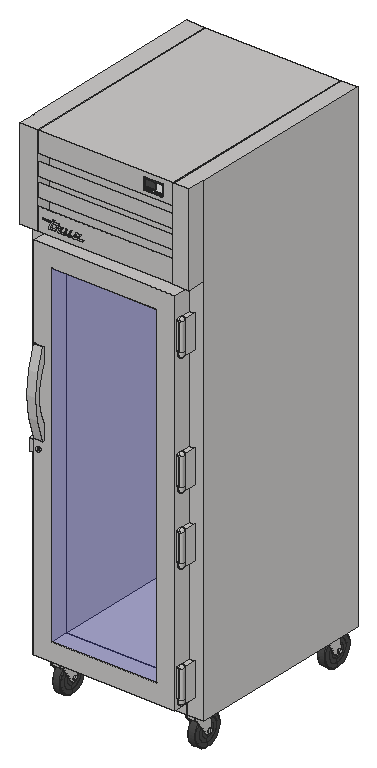
Revit family "QF_TRUE_STG1H-1G", category Specialty Equipment, Revit 2012
Parameters
  Weight in Pounds = 0
  Watts = 1500 W
  Volts = 208 V
  URL Cutsheet = "www.truemfg.com"
  URL = "www.truemfg.com"
  Type Mark [instance] = ""
  Type Comments = ""
  Status [instance] = ""
  Specification by User [instance] = ""
  Specification by Manufacturer = ""
  Show Seismic Flanged [instance] = no
  Show Logo [instance] = yes
  Show Legs [instance] = no
  Show Clearance [instance] = yes
  Serial Number = ""
  Seismic Rating = ""
  Seismic Plate [instance] = and(Show Seismic Flanged, not(Show Casters))  # no
  SMACNA No = ""
  Revision Code [instance] = ""
  Phase = 1
  Omniclass Number and Title = ""
  Number of Poles [instance] = 1
  NAFEM Spec ID Number = ""
  Model = "STG1H-1G"
  Min Ckt Ampacity = 0 A
  Max Overcurrent Protection = 0 A
  Masterspec = ""
  Manufacturer = "TRUE FOOD SERVICE EQUIPMENT, INC."
  Length = 27 1/2"
  Legs [instance] = or(Show Legs, Show Seismic Flanged)  # no
  Item Number [instance] = ""
  Installed By [instance] = ""
  Identify Quantity as Lot [instance] = yes
  Height = 77 3/4"
  HP = ""
  Furnished By [instance] = ""
  Foodservice Equipment Identifier [instance] = yes
  FL Amps = Watts / Volts  # 7.21154 A
  Electrical Remarks = "208-230/60/1"
  Electric Connection Type [instance] = ""
  Elec Conn RI Height [instance] = 0"
  Elec Conn Connection Height [instance] = 0"
  Description = "REACH-IN GLASS SWING DOOR HEATED CABINETS WITH LED LIGHTING"
  Depth = 33 3/4"
  Cycle = 60 Hz
  Conn Plug = "6-15P"
  Conn Conduit = yes
  Show Casters [instance] = and(not(if(Show Legs, Show Legs, Show Legs)), not(if(Show Legs, Show Legs, Show Seismic Flanged)))  # yes
  CSI MasterFormat = ""
  CSI Master Format = ""
  Apparent Power = if(Phase = 3, Volts * FL Amps * 1.73, Volts * FL Amps)  # 1500 VA
Reference planes (in)
  plane 1 "BACK": y = 0
  plane 2: z = 0
  plane 3 "LEFT": x = 0
  plane 4 "RIGHT": x = 27.5
  plane 5 "FRONT": y = -33.75
  plane 6 "TOP": z = 84.125
  plane 7: z = 6.125
  plane 8: x = 2.84375
  plane 9: y = -33.7042
  plane 10: y = -56.78125
Forms (in)
  Extrusion 1, solid, material "QF_Finishes_Stainless Steel"
    sketch origin (0.05, 0, 0) x (1, 0, 0) y (0, 1, 0)
      loop
        line (-0.05, 0) -> (-0.05, -31) -> (2.87859, -31) -> (2.87859, 0) -> (-0.05, 0)
    from 6.125 to 84.125
  Extrusion 2, solid, material "QF_Finishes_Stainless Steel"
    sketch origin (50.15, 0, 0) x (1, 0, 0) y (0, 1, 0)
      loop
        line (-25.35, 0) -> (-25.35, -31) -> (-22.65, -31) -> (-22.65, 0) -> (-25.35, 0)
    from 6.125 to 84.125
  Extrusion 3, solid, material "QF_Finishes_Stainless Steel"
    sketch origin (0, 0, 0) x (0, 1, 0) y (0, 0, 1)
      loop
        line (-33.7042, 69.5) -> (-31, 69.5) -> (-31, 67) -> (-30, 67) -> (-30, 69.5) -> (-2, 69.5) -> (-2, 8.98627) -> (-31, 8.98627) -> (-31, 6.125) -> (0, 6.125) -> (0, 84.125) -> (-33.7042, 84.125) -> (-33.7042, 80.78078) -> (-31.5, 79.21352) -> (-31.5, 78.09125) -> (-33.7042, 79.65851) -> (-33.7042, 77.5248) -> (-31.5, 75.95754) -> (-31.5, 74.99678) -> (-33.7042, 76.56404) -> (-33.7042, 74.46784) -> (-31.5, 72.90057) -> (-31.5, 71.625) -> (-33.7042, 73.19226) -> (-33.7042, 69.5)
    from 2.92859 to 24.8
  Extrusion 4, solid, material "QF_Finishes_Stainless Steel"
    sketch origin (0, 0, 0) x (1, 0, 0) y (0, 1, 0)
      loop
        line (27.34782, -31) -> (24.8, -31) -> (24.8, -33.75) -> (27.34782, -33.75) -> (27.34782, -31)
    from 69.5 to 84.125
  Extrusion 5, solid, material "QF_Finishes_Stainless Steel"
    sketch origin (-50.125, 0, 0.25) x (1, 0, 0) y (0, 1, 0)
      loop
        line (53.05359, -31) -> (50.24109, -31) -> (50.24109, -33.75) -> (53.05359, -33.75) -> (53.05359, -31)
    from 69.25 to 83.875
  Extrusion 6, solid, material "QF_Finishes_Stainless Steel"
    sketch origin (-24.96875, 0, -0.71875) x (1, 0, 0) y (0, 0, 1)
      loop
        line (27.25, 8.75) -> (50.09375, 8.75) -> (50.09375, 68.6875) -> (27.25, 68.6875) -> (27.25, 8.75)
      loop
        line (30.25, 65.6875) -> (30.25, 11.75) -> (47.09375, 11.75) -> (47.09375, 65.6875) -> (30.25, 65.6875)
    from 31 to 33.75
  Extrusion 7, solid, material "QF_Finishes_Stainless Steel"
    sketch origin (-8.40259, -0.25, 93.45208) x (0, 1, 0) y (0, 0, 1)
      loop
        line (-33.5, -53.875) -> (-33.5, -51.475)
        arc (-33.5, -51.475) -> (-34.65816, -47.075) -> (-33.5, -42.675) r 8.93715
        line (-33.5, -42.675) -> (-33.5, -40.275) -> (-33.7, -40.275)
        arc (-33.7, -40.275) -> (-35.14405, -47.075) -> (-33.7, -53.875) r 16.7325
        line (-33.7, -53.875) -> (-33.5, -53.875)
    from 10.87731 to 12.37731
  Extrusion 8, solid, material "QF_Finishes_Stainless Steel"
    sketch origin (-23.375, 0, -2) x (1, 0, 0) y (0, 0, 1)
      loop
        circle (26.4375, 40.0625) r 0.35
      loop
        line (26.47265, 40.33635) -> (26.41715, 40.33635) -> (26.41715, 39.76895) -> (26.47265, 39.76895) -> (26.47265, 40.33635)
    from 33.5 to 33.83066
  Extrusion 9, solid, material "QF_Finishes_Stainless Steel", visible <- "Show Logo"
    sketch origin (0.33478, 1.08173, -6.73143) x (1, 0, 0) y (0, 0, 1)
      loop
        line (3.46044, 78.46231) -> (3.35478, 78.23573) -> (4.76027, 78.23573)
        arc (4.76027, 78.23573) -> (4.78879, 78.18528) -> (4.76027, 78.13484) r 0.05887
        line (4.76027, 78.13484) -> (4.39369, 77.34872)
        arc (4.39369, 77.34872) -> (4.39051, 77.27591) -> (4.43975, 77.22217) r 0.09523
        line (4.43975, 77.22217) -> (5.33844, 77.22217)
        arc (5.33844, 77.22217) -> (5.45192, 77.25795) -> (5.52436, 77.35235) r 0.19785
        line (5.52436, 77.35235) -> (5.81285, 77.97101) -> (6.0779, 77.97101)
        arc (6.0779, 77.97101) -> (6.14744, 77.94543) -> (6.13737, 77.87203) r 0.05911
        line (6.13737, 77.87203) -> (5.89598, 77.35437)
        arc (5.89598, 77.35437) -> (5.89974, 77.2684) -> (5.97231, 77.22217) r 0.09318
        line (5.97231, 77.22217) -> (6.76198, 77.22217)
        arc (6.76198, 77.22217) -> (6.82249, 77.24419) -> (6.85468, 77.29995) r 0.09412
        arc (6.85468, 77.29995) -> (6.87746, 77.24495) -> (6.93246, 77.22217) r 0.07778
        line (6.93246, 77.22217) -> (7.43246, 77.22217)
        arc (7.43246, 77.22217) -> (7.49022, 77.23765) -> (7.53251, 77.27993) r 0.11552
        arc (7.53251, 77.27993) -> (7.55275, 77.23106) -> (7.60162, 77.21081) r 0.06912
        line (7.60162, 77.21081) -> (8.31225, 77.21081)
        arc (8.31225, 77.21081) -> (8.37034, 77.23488) -> (8.39441, 77.29297) r 0.08216
        arc (8.39441, 77.29297) -> (8.44767, 77.23972) -> (8.52042, 77.22022) r 0.14551
        line (8.52042, 77.22022) -> (9.85158, 77.22022) -> (9.99946, 77.47634) -> (8.65678, 77.47634)
        arc (8.65678, 77.47634) -> (8.61972, 77.50204) -> (8.61834, 77.54711) r 0.05009
        line (8.61834, 77.54711) -> (8.64157, 77.59692)
        arc (8.64157, 77.59692) -> (8.67723, 77.64364) -> (8.73327, 77.66135) r 0.09747
        line (8.73327, 77.66135) -> (9.16485, 77.66135)
        arc (9.16485, 77.66135) -> (9.258, 77.68631) -> (9.32619, 77.7545) r 0.1863
        line (9.32619, 77.7545) -> (9.45119, 77.97101)
        arc (9.45119, 77.97101) -> (9.45119, 78.08657) -> (9.35111, 78.14434) r 0.11556
        line (9.35111, 78.14434) -> (8.89562, 78.14434)
        arc (8.89562, 78.14434) -> (8.7795, 78.12462) -> (8.69849, 78.03912) r 0.18605
        line (8.69849, 78.03912) -> (8.48204, 77.57493)
        arc (8.48204, 77.57493) -> (8.41815, 77.49167) -> (8.31806, 77.46011) r 0.1745
        line (8.31806, 77.46011) -> (7.84559, 77.46011)
        arc (7.84559, 77.46011) -> (7.78903, 77.52184) -> (7.79268, 77.60548) r 0.10939
        line (7.79268, 77.60548) -> (8.04395, 78.14434) -> (7.88403, 78.14434) -> (7.61781, 77.57344)
        arc (7.61781, 77.57344) -> (7.56609, 77.50603) -> (7.48505, 77.48048) r 0.14128
        line (7.48505, 77.48048) -> (7.15925, 77.48048)
        arc (7.15925, 77.48048) -> (7.10419, 77.55223) -> (7.116, 77.64189) r 0.11816
        line (7.116, 77.64189) -> (7.3503, 78.14434) -> (7.18514, 78.14434) -> (6.91546, 77.566)
        arc (6.91546, 77.566) -> (6.85285, 77.50339) -> (6.76733, 77.48048) r 0.17104
        line (6.76733, 77.48048) -> (6.29555, 77.48048)
        arc (6.29555, 77.48048) -> (6.21082, 77.51999) -> (6.20267, 77.61313) r 0.0935
        line (6.20267, 77.61313) -> (6.35774, 77.94569) -> (6.57695, 77.94569)
        arc (6.57695, 77.94569) -> (6.61395, 78.05717) -> (6.69267, 78.14434) r 0.2857
        line (6.69267, 78.14434) -> (5.83605, 78.14434)
        arc (5.83605, 78.14434) -> (5.74086, 78.12324) -> (5.67498, 78.05135) r 0.16212
        line (5.67498, 78.05135) -> (5.44279, 77.55341)
        arc (5.44279, 77.55341) -> (5.3894, 77.50002) -> (5.31647, 77.48048) r 0.14586
        line (5.31647, 77.48048) -> (4.80506, 77.48048)
        arc (4.80506, 77.48048) -> (4.76514, 77.53442) -> (4.77274, 77.60109) r 0.09155
        line (4.77274, 77.60109) -> (5.11018, 78.23573) -> (5.96155, 78.23573) -> (6.06721, 78.46231) -> (5.21584, 78.46231) -> (5.32149, 78.68888) -> (5.01862, 78.68888) -> (4.91297, 78.46231) -> (3.46044, 78.46231)
      loop
        arc (8.83805, 77.93863) -> (8.80119, 77.92875) -> (8.7742, 77.90176) r 0.07373
        line (8.7742, 77.90176) -> (8.75229, 77.83436)
        arc (8.75229, 77.83436) -> (8.76245, 77.80983) -> (8.78699, 77.79966) r 0.0347
        line (8.78699, 77.79966) -> (9.15948, 77.79966)
        arc (9.15948, 77.79966) -> (9.18632, 77.80561) -> (9.20812, 77.82234) r 0.0635
        line (9.20812, 77.82234) -> (9.22624, 77.90622)
        arc (9.22624, 77.90622) -> (9.22091, 77.92868) -> (9.20009, 77.93863) r 0.02676
        line (9.20009, 77.93863) -> (8.83805, 77.93863)
    from 34.76797 to 34.83173
  Extrusion 10, solid, material "QF_Finishes_White"
    sketch origin (-23.16691, 1.06376, 1.58022) x (1, 0, 0) y (0, 0, 1)
      loop
        line (43.31732, 81.73227) -> (43.31732, 79.98496) -> (46.22357, 79.98496) -> (46.22357, 81.73227) -> (43.31732, 81.73227)
    from 34.75 to 34.76797
  Extrusion 11, solid, material "QF_Finishes_Black"
    sketch origin (-23.16691, 1.06376, 1.58022) x (1, 0, 0) y (0, 0, 1)
      loop
        line (46.28607, 81.79477) -> (43.25482, 81.79477) -> (43.25482, 79.92246) -> (46.28607, 79.92246) -> (46.28607, 81.79477)
      loop
        spline (43.45482, 80.25372) -> (43.46333, 80.23754) -> (43.48831, 80.22247) -> (43.52804, 80.20952) -> (43.57982, 80.19959) -> (43.64011, 80.19335) -> (43.70482, 80.19122) -> (43.76952, 80.19335) -> (43.82982, 80.19959) -> (43.88159, 80.20952) -> (43.92132, 80.22247) -> (43.9463, 80.23754) -> (43.95482, 80.25372)
        spline (43.95482, 80.25372) -> (43.9463, 80.26989) -> (43.92132, 80.28497) -> (43.88159, 80.29791) -> (43.82982, 80.30784) -> (43.76952, 80.31409) -> (43.70482, 80.31622) -> (43.64011, 80.31409) -> (43.57982, 80.30784) -> (43.52804, 80.29791) -> (43.48831, 80.28497) -> (43.46333, 80.26989) -> (43.45482, 80.25372)
      loop
        spline (44.15083, 80.25372) -> (44.15935, 80.23754) -> (44.18432, 80.22247) -> (44.22405, 80.20952) -> (44.27583, 80.19959) -> (44.33612, 80.19335) -> (44.40083, 80.19122) -> (44.46553, 80.19335) -> (44.52583, 80.19959) -> (44.57761, 80.20952) -> (44.61734, 80.22247) -> (44.64231, 80.23754) -> (44.65083, 80.25372)
        spline (44.65083, 80.25372) -> (44.64231, 80.26989) -> (44.61734, 80.28497) -> (44.57761, 80.29791) -> (44.52583, 80.30784) -> (44.46553, 80.31409) -> (44.40083, 80.31622) -> (44.33612, 80.31409) -> (44.27583, 80.30784) -> (44.22405, 80.29791) -> (44.18432, 80.28497) -> (44.15935, 80.26989) -> (44.15083, 80.25372)
      loop
        spline (44.90083, 80.25372) -> (44.90935, 80.23754) -> (44.93432, 80.22247) -> (44.97405, 80.20952) -> (45.02583, 80.19959) -> (45.08612, 80.19335) -> (45.15083, 80.19122) -> (45.21553, 80.19335) -> (45.27583, 80.19959) -> (45.32761, 80.20952) -> (45.36734, 80.22247) -> (45.39231, 80.23754) -> (45.40083, 80.25372)
        spline (45.40083, 80.25372) -> (45.39231, 80.26989) -> (45.36734, 80.28497) -> (45.32761, 80.29791) -> (45.27583, 80.30784) -> (45.21553, 80.31409) -> (45.15083, 80.31622) -> (45.08612, 80.31409) -> (45.02583, 80.30784) -> (44.97405, 80.29791) -> (44.93432, 80.28497) -> (44.90935, 80.26989) -> (44.90083, 80.25372)
      loop
        line (43.45481, 81.59478) -> (43.45481, 80.59478) -> (45.15433, 80.59478) -> (45.15433, 81.59478) -> (43.45481, 81.59478)
      loop
        line (46.22357, 81.73227) -> (43.31732, 81.73227) -> (43.31732, 79.98496) -> (46.22357, 79.98496) -> (46.22357, 81.73227)
      loop
        spline (45.65083, 80.25372) -> (45.65935, 80.23754) -> (45.68432, 80.22247) -> (45.72405, 80.20952) -> (45.77583, 80.19959) -> (45.83612, 80.19335) -> (45.90083, 80.19122) -> (45.96553, 80.19335) -> (46.02583, 80.19959) -> (46.07761, 80.20952) -> (46.11734, 80.22247) -> (46.14231, 80.23754) -> (46.15083, 80.25372)
        spline (46.15083, 80.25372) -> (46.14231, 80.26989) -> (46.11734, 80.28497) -> (46.07761, 80.29791) -> (46.02583, 80.30784) -> (45.96553, 80.31409) -> (45.90083, 80.31622) -> (45.83612, 80.31409) -> (45.77583, 80.30784) -> (45.72405, 80.29791) -> (45.68432, 80.28497) -> (45.65935, 80.26989) -> (45.65083, 80.25372)
    from 34.76797 to 34.80335
  Extrusion 12, solid, material "QF_Finishes_Stainless Steel"
    sketch origin (-25.125, 0, 0) x (1, 0, 0) y (0, 0, 1)
      loop
        circle (49.375, 82) r 0.25
    from 0 to 0.0625
  Blend 13, solid, material "QF_Finishes_Stainless Steel"
    base sketch origin (27.53125, 0, 0) x (-1, 0, 0) y (0, 0, -1)
      loop
        line (25.25, -38.99169) -> (26, -38.99169) -> (26, -37.24169) -> (25.25, -37.24169) -> (25.25, -38.99169)
    top sketch origin (27.53125, 0, 0) x (-1, 0, 0) y (0, 0, -1)
      loop
        line (26.18223, -36.6441) -> (25.25, -36.6441) -> (25.25, -39.42643) -> (26.18223, -39.42643) -> (26.18223, -36.6441)
    from 33.57883 to 31
  Extrusion 14, solid, material "QF_Finishes_Stainless Steel"
    sketch origin (26.1875, 0, 0) x (0, 1, 0) y (0, 0, -1)
      loop
        line (-31, -64.55229) -> (-31, -59.23627) -> (-33.25, -59.23627) -> (-33.25, -59.94848) -> (-32.81497, -59.94848) -> (-32.81497, -64.34776)
        arc (-32.81497, -64.34776) -> (-32.75506, -64.49238) -> (-32.61044, -64.55229) r 0.20453
        line (-32.61044, -64.55229) -> (-31, -64.55229)
    from 0.17506 to 1
  Revolve 15, solid, material "QF_Finishes_Stainless Steel"
    sketch origin (25.6875, 0, 0) x (0, 1, 0) y (0, 0, -1)
      loop
        line (-33.26563, -60.00189) -> (-33.67229, -60.00189) -> (-33.67229, -64.4736)
        arc (-33.67229, -64.4736) -> (-33.53722, -64.72557) -> (-33.26563, -64.81483) r 0.3848
        line (-33.26563, -64.81483) -> (-33.26563, -60.00189)
      loop
        line (-33.26563, -59.94848) -> (-33.26563, -59.04781)
        arc (-33.26563, -59.04781) -> (-33.53264, -59.13383) -> (-33.67229, -59.37712) r 0.38884
        line (-33.67229, -59.37712) -> (-33.67229, -59.94848) -> (-33.26563, -59.94848)
      axis (-33.26563, -59.04781) -> (-33.26563, -64.81483)
    angle from 0 to 360
  Extrusion 16, solid, material "QF_Finishes_Stainless Steel"
    sketch origin (27.5, 0, 0) x (-1, 0, 0) y (0, 0, -1)
      loop
        line (1.91491, -64.4736) -> (2.3125, -64.4736) -> (2.3125, -60.00079) -> (1.91491, -60.00079) -> (1.91491, -64.4736)
    from 32.81497 to 33.59495
  Extrusion 17, solid, material "QF_Finishes_Stainless Steel"
    sketch origin (26.1875, 0, -19.5) x (0, 1, 0) y (0, 0, -1)
      loop
        line (-31, -64.55229) -> (-31, -59.23627) -> (-33.25, -59.23627) -> (-33.25, -59.94848) -> (-32.81497, -59.94848) -> (-32.81497, -64.34776)
        arc (-32.81497, -64.34776) -> (-32.75506, -64.49238) -> (-32.61044, -64.55229) r 0.20453
        line (-32.61044, -64.55229) -> (-31, -64.55229)
    from 0.17506 to 1
  Revolve 18, solid, material "QF_Finishes_Stainless Steel"
    sketch origin (25.6875, 0, -19.5) x (0, 1, 0) y (0, 0, -1)
      loop
        line (-33.26563, -60.00189) -> (-33.67229, -60.00189) -> (-33.67229, -64.4736)
        arc (-33.67229, -64.4736) -> (-33.53722, -64.72557) -> (-33.26563, -64.81483) r 0.3848
        line (-33.26563, -64.81483) -> (-33.26563, -60.00189)
      loop
        line (-33.26563, -59.94848) -> (-33.26563, -59.04781)
        arc (-33.26563, -59.04781) -> (-33.53264, -59.13383) -> (-33.67229, -59.37712) r 0.38884
        line (-33.67229, -59.37712) -> (-33.67229, -59.94848) -> (-33.26563, -59.94848)
      axis (-33.26563, -59.04781) -> (-33.26563, -64.81483)
    angle from 0 to 360
  Extrusion 19, solid, material "QF_Finishes_Stainless Steel"
    sketch origin (27.5, 0, -19.5) x (-1, 0, 0) y (0, 0, -1)
      loop
        line (1.91491, -64.4736) -> (2.3125, -64.4736) -> (2.3125, -60.00079) -> (1.91491, -60.00079) -> (1.91491, -64.4736)
    from 32.81497 to 33.59495
  Extrusion 20, solid, material "QF_Finishes_Stainless Steel"
    sketch origin (26.1875, 0, -30.5) x (0, 1, 0) y (0, 0, -1)
      loop
        line (-31, -64.55229) -> (-31, -59.23627) -> (-33.25, -59.23627) -> (-33.25, -59.94848) -> (-32.81497, -59.94848) -> (-32.81497, -64.34776)
        arc (-32.81497, -64.34776) -> (-32.75506, -64.49238) -> (-32.61044, -64.55229) r 0.20453
        line (-32.61044, -64.55229) -> (-31, -64.55229)
    from 0.17506 to 1
  Revolve 21, solid, material "QF_Finishes_Stainless Steel"
    sketch origin (25.6875, 0, -30.5) x (0, 1, 0) y (0, 0, -1)
      loop
        line (-33.26563, -60.00189) -> (-33.67229, -60.00189) -> (-33.67229, -64.4736)
        arc (-33.67229, -64.4736) -> (-33.53722, -64.72557) -> (-33.26563, -64.81483) r 0.3848
        line (-33.26563, -64.81483) -> (-33.26563, -60.00189)
      loop
        line (-33.26563, -59.94848) -> (-33.26563, -59.04781)
        arc (-33.26563, -59.04781) -> (-33.53264, -59.13383) -> (-33.67229, -59.37712) r 0.38884
        line (-33.67229, -59.37712) -> (-33.67229, -59.94848) -> (-33.26563, -59.94848)
      axis (-33.26563, -59.04781) -> (-33.26563, -64.81483)
    angle from 0 to 360
  Extrusion 22, solid, material "QF_Finishes_Stainless Steel"
    sketch origin (27.5, 0, -30.5) x (-1, 0, 0) y (0, 0, -1)
      loop
        line (1.91491, -64.4736) -> (2.3125, -64.4736) -> (2.3125, -60.00079) -> (1.91491, -60.00079) -> (1.91491, -64.4736)
    from 32.81497 to 33.59495
  Extrusion 23, solid, material "QF_Finishes_Stainless Steel"
    sketch origin (26.1875, 0, -50.25) x (0, 1, 0) y (0, 0, -1)
      loop
        line (-31, -64.55229) -> (-31, -59.23627) -> (-33.25, -59.23627) -> (-33.25, -59.94848) -> (-32.81497, -59.94848) -> (-32.81497, -64.34776)
        arc (-32.81497, -64.34776) -> (-32.75506, -64.49238) -> (-32.61044, -64.55229) r 0.20453
        line (-32.61044, -64.55229) -> (-31, -64.55229)
    from 0.17506 to 1
  Revolve 24, solid, material "QF_Finishes_Stainless Steel"
    sketch origin (25.6875, 0, -50.25) x (0, 1, 0) y (0, 0, -1)
      loop
        line (-33.26563, -60.00189) -> (-33.67229, -60.00189) -> (-33.67229, -64.4736)
        arc (-33.67229, -64.4736) -> (-33.53722, -64.72557) -> (-33.26563, -64.81483) r 0.3848
        line (-33.26563, -64.81483) -> (-33.26563, -60.00189)
      loop
        line (-33.26563, -59.94848) -> (-33.26563, -59.04781)
        arc (-33.26563, -59.04781) -> (-33.53264, -59.13383) -> (-33.67229, -59.37712) r 0.38884
        line (-33.67229, -59.37712) -> (-33.67229, -59.94848) -> (-33.26563, -59.94848)
      axis (-33.26563, -59.04781) -> (-33.26563, -64.81483)
    angle from 0 to 360
  Extrusion 25, solid, material "QF_Finishes_Stainless Steel"
    sketch origin (27.5, 0, -50.25) x (-1, 0, 0) y (0, 0, -1)
      loop
        line (1.91491, -64.4736) -> (2.3125, -64.4736) -> (2.3125, -60.00079) -> (1.91491, -60.00079) -> (1.91491, -64.4736)
    from 32.81497 to 33.59495
  Revolve 26, solid, material "QF_Finishes_Black", visible <- "Show Casters"
    sketch origin (22.65625, -27.375, 0) x (1, 0, 0) y (0, 0, 1)
      loop
        line (1.475, 5) -> (1.375, 4.9) -> (1.375, 4.29941) -> (1.53601, 4.29941) -> (1.53601, 3.54941) -> (1.375, 3.54941) -> (1.375, 2.79941) -> (0.975, 2.79941) -> (0.975, 2.5) -> (3.025, 2.5) -> (3.025, 2.79941) -> (2.62908, 2.79941) -> (2.62908, 3.54941) -> (2.46399, 3.54941) -> (2.46399, 4.29941) -> (2.62908, 4.29941) -> (2.62908, 4.89592) -> (2.525, 5) -> (1.475, 5)
      axis (3.025, 2.5) -> (0.975, 2.5)
    angle from 0 to 360
  Extrusion 27, solid, material "QF_Finishes_Stainless Steel", visible <- "Show Casters"
    sketch origin (22.5625, 0, 0) x (0, 1, 0) y (0, 0, 1)
      loop
        line (-29.95136, 5.48574) -> (-29.95136, 4.88089) -> (-29.70136, 4.88089) -> (-27.95216, 2.18736)
        arc (-27.95216, 2.18736) -> (-27.23883, 1.94868) -> (-26.84581, 2.59003) r 0.60416
        line (-26.84581, 2.59003) -> (-27.20136, 5.48574) -> (-29.95136, 5.48574)
      loop
        line (-3.8577, 5.48574) -> (-3.8577, 4.88089) -> (-3.6077, 4.88089) -> (-1.8585, 2.18736)
        arc (-1.8585, 2.18736) -> (-1.14517, 1.94868) -> (-0.75215, 2.59003) r 0.60416
        line (-0.75215, 2.59003) -> (-1.1077, 5.48574) -> (-3.8577, 5.48574)
    from 1.175 to 1.325
  Extrusion 28, solid, material "QF_Finishes_Stainless Steel", visible <- "Show Casters"
    sketch origin (24.0625, 0, 0) x (0, 1, 0) y (0, 0, 1)
      loop
        line (-29.95136, 5.48574) -> (-29.95136, 4.88089) -> (-29.70136, 4.88089) -> (-27.95216, 2.18736)
        arc (-27.95216, 2.18736) -> (-27.23883, 1.94868) -> (-26.84581, 2.59003) r 0.60416
        line (-26.84581, 2.59003) -> (-27.20136, 5.48574) -> (-29.95136, 5.48574)
      loop
        line (-3.8577, 5.48574) -> (-3.8577, 4.88089) -> (-3.6077, 4.88089) -> (-1.8585, 2.18736)
        arc (-1.8585, 2.18736) -> (-1.14517, 1.94868) -> (-0.75215, 2.59003) r 0.60416
        line (-0.75215, 2.59003) -> (-1.1077, 5.48574) -> (-3.8577, 5.48574)
    from 1.175 to 1.325
  Revolve 29, solid, material "QF_Finishes_Stainless Steel", visible <- "Show Casters"
    sketch origin (22.65625, -28.5625, -0.5) x (1, 0, 0) y (0, 0, 1)
      loop
        line (2, 5.99546) -> (2, 6.62359) -> (0.70293, 6.62359) -> (0.70293, 5.99546) -> (2, 5.99546)
      axis (2, 5.99546) -> (2, 6.62359)
    angle from 0 to 360
  Revolve 30, solid, material "QF_Finishes_Stainless Steel", visible <- "Legs"
    sketch origin (22.65625, -2.69102, 0) x (1, 0, 0) y (0, 0, 1)
      loop
        line (2, 6.125) -> (0.66662, 6.125) -> (1.25, 1) -> (1.5, 1) -> (1.5, 0) -> (2, 0) -> (2, 6.125)
      axis (2, 0) -> (2, 6.125)
    angle from 0 to 360
  Revolve 31, solid, material "QF_Finishes_Stainless Steel", visible <- "Legs"
    sketch origin (22.65625, -28.65977, 0) x (1, 0, 0) y (0, 0, 1)
      loop
        line (2, 6.125) -> (0.66662, 6.125) -> (1.25, 1) -> (1.5, 1) -> (1.5, 0) -> (2, 0) -> (2, 6.125)
      axis (2, 0) -> (2, 6.125)
    angle from 0 to 360
  Revolve 32, solid, material "QF_Finishes_Stainless Steel", visible <- "Show Casters"
    sketch origin (22.65625, -2.70321, -0.5) x (1, 0, 0) y (0, 0, 1)
      loop
        line (2, 5.99546) -> (2, 6.62359) -> (0.70293, 6.62359) -> (0.70293, 5.99546) -> (2, 5.99546)
      axis (2, 5.99546) -> (2, 6.62359)
    angle from 0 to 360
  Extrusion 33, solid, material "QF_Finishes_Stainless Steel", visible <- "Show Casters"
    sketch origin (-25.21875, 0, 0) x (0, 1, 0) y (0, 0, 1)
      loop
        line (-29.95136, 5.48574) -> (-29.95136, 4.88089) -> (-29.70136, 4.88089) -> (-27.16533, 5.19227) -> (-27.20136, 5.48574) -> (-29.95136, 5.48574)
      loop
        line (-3.8577, 5.48574) -> (-3.8577, 4.88089) -> (-3.6077, 4.88089) -> (-1.07167, 5.19227) -> (-1.1077, 5.48574) -> (-3.8577, 5.48574)
    from 49.10625 to 50.45625
  Revolve 34, solid, material "QF_Finishes_Black", visible <- "Show Casters"
    sketch origin (22.65625, -1.21875, 0) x (1, 0, 0) y (0, 0, 1)
      loop
        line (1.475, 5) -> (1.375, 4.9) -> (1.375, 4.29941) -> (1.53601, 4.29941) -> (1.53601, 3.54941) -> (1.375, 3.54941) -> (1.375, 2.79941) -> (0.975, 2.79941) -> (0.975, 2.5) -> (3.025, 2.5) -> (3.025, 2.79941) -> (2.62908, 2.79941) -> (2.62908, 3.54941) -> (2.46399, 3.54941) -> (2.46399, 4.29941) -> (2.62908, 4.29941) -> (2.62908, 4.89592) -> (2.525, 5) -> (1.475, 5)
      axis (3.025, 2.5) -> (0.975, 2.5)
    angle from 0 to 360
  Revolve 35, solid, material "QF_Finishes_Black", visible <- "Show Casters"
    sketch origin (0.84375, -27.375, 0) x (1, 0, 0) y (0, 0, 1)
      loop
        line (1.475, 5) -> (1.375, 4.9) -> (1.375, 4.29941) -> (1.53601, 4.29941) -> (1.53601, 3.54941) -> (1.375, 3.54941) -> (1.375, 2.79941) -> (0.975, 2.79941) -> (0.975, 2.5) -> (3.025, 2.5) -> (3.025, 2.79941) -> (2.62908, 2.79941) -> (2.62908, 3.54941) -> (2.46399, 3.54941) -> (2.46399, 4.29941) -> (2.62908, 4.29941) -> (2.62908, 4.89592) -> (2.525, 5) -> (1.475, 5)
      axis (3.025, 2.5) -> (0.975, 2.5)
    angle from 0 to 360
  Extrusion 36, solid, material "QF_Finishes_Stainless Steel", visible <- "Show Casters"
    sketch origin (0.84375, 0, 0) x (0, 1, 0) y (0, 0, 1)
      loop
        line (-29.95136, 5.48574) -> (-29.95136, 4.88089) -> (-29.70136, 4.88089) -> (-27.95216, 2.18736)
        arc (-27.95216, 2.18736) -> (-27.23883, 1.94868) -> (-26.84581, 2.59003) r 0.60416
        line (-26.84581, 2.59003) -> (-27.20136, 5.48574) -> (-29.95136, 5.48574)
      loop
        line (-3.8577, 5.48574) -> (-3.8577, 4.88089) -> (-3.6077, 4.88089) -> (-1.8585, 2.18736)
        arc (-1.8585, 2.18736) -> (-1.14517, 1.94868) -> (-0.75215, 2.59003) r 0.60416
        line (-0.75215, 2.59003) -> (-1.1077, 5.48574) -> (-3.8577, 5.48574)
    from 1.175 to 1.325
  Extrusion 37, solid, material "QF_Finishes_Stainless Steel", visible <- "Show Casters"
    sketch origin (2.34375, 0, 0) x (0, 1, 0) y (0, 0, 1)
      loop
        line (-29.95136, 5.48574) -> (-29.95136, 4.88089) -> (-29.70136, 4.88089) -> (-27.95216, 2.18736)
        arc (-27.95216, 2.18736) -> (-27.23883, 1.94868) -> (-26.84581, 2.59003) r 0.60416
        line (-26.84581, 2.59003) -> (-27.20136, 5.48574) -> (-29.95136, 5.48574)
      loop
        line (-3.8577, 5.48574) -> (-3.8577, 4.88089) -> (-3.6077, 4.88089) -> (-1.8585, 2.18736)
        arc (-1.8585, 2.18736) -> (-1.14517, 1.94868) -> (-0.75215, 2.59003) r 0.60416
        line (-0.75215, 2.59003) -> (-1.1077, 5.48574) -> (-3.8577, 5.48574)
    from 1.175 to 1.325
  Revolve 38, solid, material "QF_Finishes_Stainless Steel", visible <- "Show Casters"
    sketch origin (0.84375, -28.5625, -0.5) x (1, 0, 0) y (0, 0, 1)
      loop
        line (2, 5.99546) -> (2, 6.62359) -> (0.70293, 6.62359) -> (0.70293, 5.99546) -> (2, 5.99546)
      axis (2, 5.99546) -> (2, 6.62359)
    angle from 0 to 360
  Revolve 39, solid, material "QF_Finishes_Stainless Steel", visible <- "Legs"
    sketch origin (0.84375, -2.69102, 0) x (1, 0, 0) y (0, 0, 1)
      loop
        line (2, 6.125) -> (0.66662, 6.125) -> (1.25, 1) -> (1.5, 1) -> (1.5, 0) -> (2, 0) -> (2, 6.125)
      axis (2, 0) -> (2, 6.125)
    angle from 0 to 360
  Revolve 40, solid, material "QF_Finishes_Stainless Steel", visible <- "Legs"
    sketch origin (0.84375, -28.65977, 0) x (1, 0, 0) y (0, 0, 1)
      loop
        line (2, 6.125) -> (0.66662, 6.125) -> (1.25, 1) -> (1.5, 1) -> (1.5, 0) -> (2, 0) -> (2, 6.125)
      axis (2, 0) -> (2, 6.125)
    angle from 0 to 360
  Revolve 41, solid, material "QF_Finishes_Stainless Steel", visible <- "Show Casters"
    sketch origin (0.84375, -2.70321, -0.5) x (1, 0, 0) y (0, 0, 1)
      loop
        line (2, 5.99546) -> (2, 6.62359) -> (0.70293, 6.62359) -> (0.70293, 5.99546) -> (2, 5.99546)
      axis (2, 5.99546) -> (2, 6.62359)
    angle from 0 to 360
  Extrusion 42, solid, material "QF_Finishes_Stainless Steel", visible <- "Show Casters"
    sketch origin (-46.9375, 0, 0) x (0, 1, 0) y (0, 0, 1)
      loop
        line (-29.95136, 5.48574) -> (-29.95136, 4.88089) -> (-29.70136, 4.88089) -> (-27.16533, 5.19227) -> (-27.20136, 5.48574) -> (-29.95136, 5.48574)
      loop
        line (-3.8577, 5.48574) -> (-3.8577, 4.88089) -> (-3.6077, 4.88089) -> (-1.07167, 5.19227) -> (-1.1077, 5.48574) -> (-3.8577, 5.48574)
    from 49.10625 to 50.45625
  Revolve 43, solid, material "QF_Finishes_Black", visible <- "Show Casters"
    sketch origin (0.84375, -1.21875, 0) x (1, 0, 0) y (0, 0, 1)
      loop
        line (1.475, 5) -> (1.375, 4.9) -> (1.375, 4.29941) -> (1.53601, 4.29941) -> (1.53601, 3.54941) -> (1.375, 3.54941) -> (1.375, 2.79941) -> (0.975, 2.79941) -> (0.975, 2.5) -> (3.025, 2.5) -> (3.025, 2.79941) -> (2.62908, 2.79941) -> (2.62908, 3.54941) -> (2.46399, 3.54941) -> (2.46399, 4.29941) -> (2.62908, 4.29941) -> (2.62908, 4.89592) -> (2.525, 5) -> (1.475, 5)
      axis (3.025, 2.5) -> (0.975, 2.5)
    angle from 0 to 360
  Extrusion 44, solid, material "QF_Door-Drawer Clearances", visible <- "Show Clearance", detail levels coarse
    sketch origin (26.42841, -3.6098, 0) x (1, 0, 0) y (0, 1, 0)
      loop
        line (-1.17841, -30.1402) -> (-24.14716, -30.1402)
        arc (-24.14716, -30.1402) -> (-17.41977, -46.38156) -> (-1.17841, -53.10895) r 22.96875
        line (-1.17841, -53.10895) -> (-1.17841, -30.1402)
    from 8.03125 to 67.96875
  Extrusion 45, solid, material "Glass"
    sketch origin (-24.96875, 0, -0.71875) x (1, 0, 0) y (0, 0, 1)
      loop
        line (30.25, 65.6875) -> (30.25, 11.75) -> (47.1875, 11.75) -> (47.1875, 65.6875) -> (30.25, 65.6875)
    from 31 to 33.75
  Extrusion 46, solid, material "QF_Finishes_Stainless Steel", visible <- "Seismic Plate"
    sketch origin (-0.22541, -26.96562, 0) x (1, 0, 0) y (0, 1, 0)
      loop
        circle (3.06916, -1.69416) r 1.5
    from 0 to 0.25
  Extrusion 47, solid, material "QF_Finishes_Stainless Steel", visible <- "Seismic Plate"
    sketch origin (-0.22541, -0.99687, 0) x (1, 0, 0) y (0, 1, 0)
      loop
        circle (3.06916, -1.69416) r 1.5
    from 0 to 0.25
  Extrusion 48, solid, material "QF_Finishes_Stainless Steel", visible <- "Seismic Plate"
    sketch origin (21.49334, -0.99687, 0) x (1, 0, 0) y (0, 1, 0)
      loop
        circle (3.16291, -1.69416) r 1.5
    from 0 to 0.25
  Extrusion 49, solid, material "QF_Finishes_Stainless Steel", visible <- "Seismic Plate"
    sketch origin (21.49334, -26.96562, 0) x (1, 0, 0) y (0, 1, 0)
      loop
        circle (3.16291, -1.69416) r 1.5
    from 0 to 0.25
Cuts and joins
  joined: Extrusion 1, Extrusion 2, Extrusion 4, Extrusion 5
Lines and regions (in)
  symbolic lines
    curve 1: line (0, 0, 0) -> (27.5, 0, 0)
    curve 2: line (0, -33.75, 0) -> (0, 0, 0)
    curve 3: line (27.5, -33.75, 0) -> (0, -33.75, 0)
    curve 4: line (27.5, 0, 0) -> (27.5, -33.75, 0)
    curve 5: line (27.5, -31.5, 0) -> (0, -31.5, 0)
    curve 24: line (3.97472, -33.75, 0) -> (3.97472, -35.38415, 0)
    curve 25: line (3.97472, -35.38415, 0) -> (2.47472, -35.38415, 0)
    curve 26: line (2.47472, -35.38415, 0) -> (2.47472, -33.75, 0)
    curve 27: line (2.47472, -33.95, 0) -> (3.97472, -33.95, 0)
  symbolic lines, style "SpecialityEquipmentHiddenLines", visible <- "Show Casters"
    curve 6: line (3.82597, -24.4208, 0) -> (5.12501, -25.1708, 0)
    curve 7: line (1.20097, -28.96743, 0) -> (3.82597, -24.4208, 0)
    curve 8: line (2.50001, -29.71743, 0) -> (1.20097, -28.96743, 0)
    curve 9: line (5.12501, -25.1708, 0) -> (2.50001, -29.71743, 0)
    curve 10: line (3.82597, -0.4208, 0) -> (5.12501, -1.1708, 0)
    curve 11: line (1.20097, -4.96743, 0) -> (3.82597, -0.4208, 0)
    curve 12: line (2.50001, -5.71743, 0) -> (1.20097, -4.96743, 0)
    curve 13: line (5.12501, -1.1708, 0) -> (2.50001, -5.71743, 0)
    curve 14: line (24.73343, -0.4208, 0) -> (26.03247, -1.1708, 0)
    curve 15: line (22.10843, -4.96743, 0) -> (24.73343, -0.4208, 0)
    curve 16: line (23.40747, -5.71743, 0) -> (22.10843, -4.96743, 0)
    curve 17: line (26.03247, -1.1708, 0) -> (23.40747, -5.71743, 0)
    curve 18: line (24.82718, -24.52487, 0) -> (26.12622, -25.27487, 0)
    curve 19: line (22.20218, -29.07151, 0) -> (24.82718, -24.52487, 0)
    curve 20: line (23.50122, -29.82151, 0) -> (22.20218, -29.07151, 0)
    curve 21: line (26.12622, -25.27487, 0) -> (23.50122, -29.82151, 0)
  symbolic lines, style "QF_Door-Drawer Clearances"
    curve 22: line (25.25, -33.75, 0) -> (5.35848, -45.23438, 0)
    curve 23: arc (5.35848, -45.23438, 0) -> (3.06389, -39.69475, 0) -> (2.28125, -33.75, 0) r 22.96875
Dimensions and locks (in)
  "Depth": plane 5 "FRONT" to plane 1 "BACK"
  plane 7 to level = 6 1/8"
  plane 6 "TOP" to level = 84 1/8"
  plane 6 "TOP" to cut or joined group of Extrusion 1, Extrusion 2, Extrusion 4, Extrusion 5 = 14 5/8"
  Extrusion 6 sketch curve to Extrusion 6 sketch curve = 22 27/32"
  Extrusion 6 to plane 1 "BACK" = 33 3/4"
  "Length": plane 3 "LEFT" to plane 4 "RIGHT"
  plane 4 "RIGHT" to plane 3 "LEFT" = 27 1/2"
  plane 10 to plane 5 "FRONT" = 23 1/32"
  aligned and locked: level to plane 2
Automatic sketch dimensions
  Extrusion 1 sketch curve to plane 3 "LEFT" = 0"
  plane 1 "BACK" to Extrusion 1 sketch curve = 0"
  plane 8 to Extrusion 1 sketch curve = 0.08484"
  Extrusion 1 sketch curve to plane 5 "FRONT" = 2 3/4"
  plane 1 "BACK" to Extrusion 2 sketch curve = 0"
  Extrusion 2 sketch curve to plane 4 "RIGHT" = 0"
  Extrusion 2 sketch curve to plane 4 "RIGHT" = 2.7"
  Extrusion 2 sketch curve to plane 5 "FRONT" = 2 3/4"
  plane 5 "FRONT" to Extrusion 4 sketch curve = 0"
  Extrusion 4 sketch curve to plane 4 "RIGHT" = 2.7"
  Extrusion 4 sketch curve to plane 4 "RIGHT" = 0.15218"
  Extrusion 4 sketch curve to plane 5 "FRONT" = 2 3/4"
  plane 5 "FRONT" to Extrusion 5 sketch curve = 0"
  plane 3 "LEFT" to Extrusion 5 sketch curve = 0.11609"
  plane 8 to Extrusion 5 sketch curve = 0.08484"
  Extrusion 5 sketch curve to plane 5 "FRONT" = 2 3/4"
  Extrusion 6 sketch curve to plane 8 = 9/16"
  plane 8 to Extrusion 6 sketch curve = 2 7/16"
  Extrusion 6 sketch curve to Extrusion 6 sketch curve = 3"  (x3)
  plane 7 to Extrusion 6 sketch curve = 1 29/32"
  Extrusion 6 sketch curve to plane 6 "TOP" = 19 5/32"
  plane 5 "FRONT" to Extrusion 7 sketch curve = 0.2"  (x2)
  plane 5 "FRONT" to Extrusion 7 sketch curve = 0"  (x2)
  Extrusion 7 sketch curve to plane 5 "FRONT" = 7.77899"
  Extrusion 7 sketch curve to Extrusion 7 sketch curve = 7.30945"
  plane 7 to Extrusion 7 sketch curve = 33.45208"
  Extrusion 7 sketch curve to Extrusion 7 sketch curve = 2.4"
  Extrusion 7 sketch curve to Extrusion 7 sketch curve = 4.4"
  Extrusion 7 sketch curve to Extrusion 7 sketch curve = 0"
  plane 8 to Extrusion 8 sketch curve = 0.1984"
  plane 8 to Extrusion 8 sketch curve = 7/32"
  Extrusion 8 sketch curve to Extrusion 8 sketch curve = 0.0555"
  plane 7 to Extrusion 8 sketch curve = 31.64395"
  Extrusion 8 sketch curve to Extrusion 8 sketch curve = 0.29355"
  Extrusion 8 sketch curve to Extrusion 8 sketch curve = 0.27385"
  plane 8 to Extrusion 9 sketch curve = 0.84582"
  Extrusion 9 sketch curve to Extrusion 9 sketch curve = 0.10565"  (x5)
  Extrusion 9 sketch curve to Extrusion 9 sketch curve = 1.03891"
  Extrusion 9 sketch curve to Extrusion 9 sketch curve = 0.04606"
  Extrusion 9 sketch curve to Extrusion 9 sketch curve = 0.04025"
  Extrusion 9 sketch curve to Extrusion 9 sketch curve = 0.33624"
  Extrusion 9 sketch curve to Extrusion 9 sketch curve = 0.03034"  (x2)
  Extrusion 9 sketch curve to Extrusion 9 sketch curve = 0.29274"
  Extrusion 9 sketch curve to Extrusion 9 sketch curve = 0.03232"
  Extrusion 9 sketch curve to Extrusion 9 sketch curve = 0.08083"
  Extrusion 9 sketch curve to Extrusion 9 sketch curve = 0.1527"
  Extrusion 9 sketch curve to Extrusion 9 sketch curve = 0.19721"
  Extrusion 9 sketch curve to Extrusion 9 sketch curve = 0.4629"
  Extrusion 9 sketch curve to Extrusion 9 sketch curve = 0.02197"
  Extrusion 9 sketch curve to Extrusion 9 sketch curve = 0.12632"
  Extrusion 9 sketch curve to Extrusion 9 sketch curve = 0.18591"
  Extrusion 9 sketch curve to Extrusion 9 sketch curve = 0.2322"
  Extrusion 9 sketch curve to Extrusion 9 sketch curve = 0.13786"
  Extrusion 9 sketch curve to Extrusion 9 sketch curve = 0.00907"
  Extrusion 9 sketch curve to Extrusion 9 sketch curve = 0.01413"
  Extrusion 9 sketch curve to Extrusion 9 sketch curve = 0.37162"
  Extrusion 9 sketch curve to Extrusion 9 sketch curve = 0.12551"
  Extrusion 9 sketch curve to Extrusion 9 sketch curve = 0.07633"
  Extrusion 9 sketch curve to Extrusion 9 sketch curve = 0.08445"
  Extrusion 9 sketch curve to Extrusion 9 sketch curve = 0.25598"
  Extrusion 9 sketch curve to Extrusion 9 sketch curve = 0.01887"
  Extrusion 9 sketch curve to Extrusion 9 sketch curve = 0.04061"
  Extrusion 9 sketch curve to Extrusion 9 sketch curve = 0.0653"
  Extrusion 9 sketch curve to Extrusion 9 sketch curve = 0.08474"
  Extrusion 9 sketch curve to Extrusion 9 sketch curve = 0.00815"
  Extrusion 9 sketch curve to Extrusion 9 sketch curve = 0.22037"
  Extrusion 9 sketch curve to Extrusion 9 sketch curve = 0.21921"
  Extrusion 9 sketch curve to Extrusion 9 sketch curve = 0.11572"
  Extrusion 9 sketch curve to Extrusion 9 sketch curve = 0.46643"
  Extrusion 9 sketch curve to Extrusion 9 sketch curve = 0.00535"
  Extrusion 9 sketch curve to Extrusion 9 sketch curve = 0.09269"
  Extrusion 9 sketch curve to Extrusion 9 sketch curve = 0.09348"
  Extrusion 9 sketch curve to Extrusion 9 sketch curve = 0.14812"
  Extrusion 9 sketch curve to Extrusion 9 sketch curve = 0.07778"  (x3)
  Extrusion 9 sketch curve to Extrusion 9 sketch curve = 0.20054"
  Extrusion 9 sketch curve to Extrusion 9 sketch curve = 0.04325"
  Extrusion 9 sketch curve to Extrusion 9 sketch curve = 0.32433"
  Extrusion 9 sketch curve to Extrusion 9 sketch curve = 0.10233"  (x2)
  Extrusion 9 sketch curve to Extrusion 9 sketch curve = 0.16515"
  Extrusion 9 sketch curve to Extrusion 9 sketch curve = 0.27321"
  Extrusion 9 sketch curve to Extrusion 9 sketch curve = 0.0526"
  Extrusion 9 sketch curve to Extrusion 9 sketch curve = 0.10005"
  Extrusion 9 sketch curve to Extrusion 9 sketch curve = 0.06912"
  Extrusion 9 sketch curve to Extrusion 9 sketch curve = 0.13276"
  Extrusion 9 sketch curve to Extrusion 9 sketch curve = 0.17486"
  Extrusion 9 sketch curve to Extrusion 9 sketch curve = 0.05291"
  Extrusion 9 sketch curve to Extrusion 9 sketch curve = 0.53374"
  Extrusion 9 sketch curve to Extrusion 9 sketch curve = 0.09914"  (x2)
  Extrusion 9 sketch curve to Extrusion 9 sketch curve = 0.15992"
  Extrusion 9 sketch curve to Extrusion 9 sketch curve = 0.46666"
  Extrusion 9 sketch curve to Extrusion 9 sketch curve = 0.00582"
  Extrusion 9 sketch curve to Extrusion 9 sketch curve = 0.08216"
  Extrusion 9 sketch curve to Extrusion 9 sketch curve = 0.16397"
  Extrusion 9 sketch curve to Extrusion 9 sketch curve = 0.12601"
  Extrusion 9 sketch curve to Extrusion 9 sketch curve = 0.1363"
  Extrusion 9 sketch curve to Extrusion 9 sketch curve = 0.02323"
  Extrusion 9 sketch curve to Extrusion 9 sketch curve = 0.03844"
  Extrusion 9 sketch curve to Extrusion 9 sketch curve = 0.0454"
  Extrusion 9 sketch curve to Extrusion 9 sketch curve = 0.05693"
  Extrusion 9 sketch curve to Extrusion 9 sketch curve = 0.0917"
  Extrusion 9 sketch curve to Extrusion 9 sketch curve = 0.01902"
  Extrusion 9 sketch curve to Extrusion 9 sketch curve = 0.02191"
  Extrusion 9 sketch curve to Extrusion 9 sketch curve = 0.0347"
  Extrusion 9 sketch curve to Extrusion 9 sketch curve = 0.06385"
  Extrusion 9 sketch curve to Extrusion 9 sketch curve = 0.02906"
  Extrusion 9 sketch curve to Extrusion 9 sketch curve = 0.02851"
  Extrusion 9 sketch curve to Extrusion 9 sketch curve = 0.29237"
  Extrusion 9 sketch curve to Extrusion 9 sketch curve = 0.00537"
  Extrusion 9 sketch curve to Extrusion 9 sketch curve = 0.0406"
  Extrusion 9 sketch curve to Extrusion 9 sketch curve = 0.04327"
  Extrusion 9 sketch curve to Extrusion 9 sketch curve = 0.02615"
  Extrusion 9 sketch curve to Extrusion 9 sketch curve = 0.11806"
  Extrusion 9 sketch curve to Extrusion 9 sketch curve = 0.15103"
  Extrusion 9 sketch curve to Extrusion 9 sketch curve = 0.10007"
  Extrusion 9 sketch curve to Extrusion 9 sketch curve = 0.5254"
  Extrusion 9 sketch curve to Extrusion 9 sketch curve = 0.14787"
  Extrusion 9 sketch curve to plane 6 "TOP" = 13.64562"
  Extrusion 9 sketch curve to Extrusion 9 sketch curve = 0.07275"
  Extrusion 9 sketch curve to Extrusion 9 sketch curve = 0.05776"
  Extrusion 9 sketch curve to Extrusion 9 sketch curve = 0.08631"
  Extrusion 9 sketch curve to Extrusion 9 sketch curve = 0.09282"
  Extrusion 9 sketch curve to Extrusion 9 sketch curve = 0.13018"
  Extrusion 9 sketch curve to Extrusion 9 sketch curve = 0.16714"
  Extrusion 9 sketch curve to Extrusion 9 sketch curve = 0.11061"
  Extrusion 9 sketch curve to Extrusion 9 sketch curve = 0.06046"
  Extrusion 9 sketch curve to Extrusion 9 sketch curve = 0.16548"
  Extrusion 9 sketch curve to Extrusion 9 sketch curve = 0.14279"
  Extrusion 9 sketch curve to Extrusion 9 sketch curve = 0.0496"
  Extrusion 9 sketch curve to Extrusion 9 sketch curve = 0.07293"
  Extrusion 9 sketch curve to Extrusion 9 sketch curve = 0.07764"
  Extrusion 9 sketch curve to Extrusion 9 sketch curve = 0.03794"
  Extrusion 9 sketch curve to Extrusion 9 sketch curve = 0.08552"
  Extrusion 9 sketch curve to Extrusion 9 sketch curve = 0.09296"
  Extrusion 9 sketch curve to Extrusion 9 sketch curve = 0.09314"
  Extrusion 9 sketch curve to Extrusion 9 sketch curve = 0.02781"
  Extrusion 9 sketch curve to Extrusion 9 sketch curve = 0.04981"
  Extrusion 9 sketch curve to Extrusion 9 sketch curve = 0.09315"
  Extrusion 9 sketch curve to Extrusion 9 sketch curve = 0.04799"
  Extrusion 9 sketch curve to Extrusion 9 sketch curve = 0.02531"
  Extrusion 9 sketch curve to Extrusion 9 sketch curve = 0.03054"
  Extrusion 9 sketch curve to Extrusion 9 sketch curve = 0.2589"
  Extrusion 9 sketch curve to Extrusion 9 sketch curve = 0.0674"
  Extrusion 9 sketch curve to Extrusion 9 sketch curve = 0.0324"
  Extrusion 9 sketch curve to Extrusion 9 sketch curve = 0.26185"
  Extrusion 9 sketch curve to Extrusion 9 sketch curve = 11/256"
  Extrusion 9 sketch curve to Extrusion 9 sketch curve = 0.07366"
  Extrusion 9 sketch curve to Extrusion 9 sketch curve = 0.02187"
  Extrusion 9 sketch curve to Extrusion 9 sketch curve = 0.06479"
  Extrusion 9 sketch curve to Extrusion 9 sketch curve = 0.01183"
  Extrusion 9 sketch curve to Extrusion 9 sketch curve = 0.05778"
  Extrusion 9 sketch curve to Extrusion 9 sketch curve = 0.53375"
  Extrusion 9 sketch curve to Extrusion 9 sketch curve = 0.23098"
  Extrusion 9 sketch curve to Extrusion 9 sketch curve = 0"
  Extrusion 9 sketch curve to Extrusion 9 sketch curve = 0.05045"
  Extrusion 9 sketch curve to Extrusion 9 sketch curve = 0.09139"
  Extrusion 9 sketch curve to Extrusion 9 sketch curve = 29/128"  (x3)
  Extrusion 10 sketch curve to plane 6 "TOP" = 2.55982"
  Extrusion 10 sketch curve to plane 4 "RIGHT" = 7.3496"
  Extrusion 10 sketch curve to Extrusion 10 sketch curve = 2 29/32"
  Extrusion 10 sketch curve to plane 6 "TOP" = 13/16"
  Extrusion 11 sketch curve to plane 6 "TOP" = 3/4"
  Extrusion 11 sketch curve to plane 4 "RIGHT" = 7.4121"
  Extrusion 11 sketch curve to Extrusion 11 sketch curve = 1/16"  (x4)
  Extrusion 11 sketch curve to Extrusion 11 sketch curve = 0.1375"  (x2)
  Extrusion 11 sketch curve to Extrusion 11 sketch curve = 1/4"  (x4)
  Extrusion 11 sketch curve to Extrusion 11 sketch curve = 0.44601"
  Extrusion 11 sketch curve to Extrusion 11 sketch curve = 1/2"  (x2)
  Extrusion 11 sketch curve to Extrusion 11 sketch curve = 0.0035"
  Extrusion 11 sketch curve to Extrusion 11 sketch curve = 1.06923"
  Extrusion 11 sketch curve to plane 6 "TOP" = 0.95"
  Extrusion 11 sketch curve to Extrusion 11 sketch curve = 1"
  Extrusion 11 sketch curve to Extrusion 11 sketch curve = 0.34106"  (x3)
  Extrusion 11 sketch curve to Extrusion 11 sketch curve = 0"
  Extrusion 11 sketch curve to Extrusion 11 sketch curve = 0.26876"
  Extrusion 12 sketch curve to plane 4 "RIGHT" = 3 1/4"
  Extrusion 12 sketch curve to plane 6 "TOP" = 2 1/8"
  Blend 13 sketch curve to plane 8 = 9/16"
  Blend 13 sketch curve to Blend 13 sketch curve = 3/4"
  plane 7 to Blend 13 sketch curve = 32.86669"
  Blend 13 sketch curve to Blend 13 sketch curve = 1 3/4"
  plane 8 to Blend 13 sketch curve = 9/16"
  Blend 13 sketch curve to Blend 13 sketch curve = 0.93223"
  Blend 13 sketch curve to plane 7 = 30.5191"
  Blend 13 sketch curve to Blend 13 sketch curve = 2.78233"
  Extrusion 14 sketch curve to plane 5 "FRONT" = 1/2"
  Extrusion 14 sketch curve to Extrusion 14 sketch curve = 0.43503"
  Extrusion 14 sketch curve to Extrusion 14 sketch curve = 0.20453"
  Extrusion 14 sketch curve to Extrusion 14 sketch curve = 1.61044"
  Extrusion 14 sketch curve to plane 6 "TOP" = 19.57271"
  Extrusion 14 sketch curve to Extrusion 14 sketch curve = 4.39928"
  Extrusion 14 sketch curve to Extrusion 14 sketch curve = 0.71221"
  Revolve 15 sketch curve to plane 5 "FRONT" = 0.07771"  (x2)
  Revolve 15 sketch curve to Revolve 15 sketch curve = 0.38242"
  Revolve 15 sketch curve to Revolve 15 sketch curve = 0.38436"
  Revolve 15 sketch curve to plane 5 "FRONT" = 31/64"
  Revolve 15 sketch curve to Revolve 15 sketch curve = 0.40666"
  Revolve 15 sketch curve to Revolve 15 sketch curve = 0"
  Revolve 15 sketch curve to plane 6 "TOP" = 18.75492"
  Revolve 15 sketch curve to Revolve 15 sketch curve = 0.55526"
  Revolve 15 sketch curve to Revolve 15 sketch curve = 0.19474"
  Revolve 15 sketch curve to Revolve 15 sketch curve = 0.14649"
  Revolve 15 sketch curve to Revolve 15 sketch curve = 4.42889"
  Revolve 15 sketch curve to Revolve 15 sketch curve = 0.05342"
  Revolve 15 sketch curve to Revolve 15 sketch curve = 0.51246"
  Revolve 15 sketch curve to Revolve 15 sketch curve = 0.05889"
  Extrusion 16 sketch curve to plane 4 "RIGHT" = 1.91491"
  Extrusion 16 sketch curve to Extrusion 16 sketch curve = 0.39759"
  Extrusion 16 sketch curve to plane 6 "TOP" = 19.6514"
  Extrusion 16 sketch curve to Extrusion 16 sketch curve = 4.47281"
  Extrusion 17 sketch curve to plane 5 "FRONT" = 1/2"
  Extrusion 17 sketch curve to Extrusion 17 sketch curve = 0.43503"
  Extrusion 17 sketch curve to Extrusion 17 sketch curve = 0.20453"
  Extrusion 17 sketch curve to Extrusion 17 sketch curve = 1.61044"
  plane 7 to Extrusion 17 sketch curve = 38.92729"
  Extrusion 17 sketch curve to Extrusion 17 sketch curve = 4.39928"
  Extrusion 17 sketch curve to Extrusion 17 sketch curve = 0.71221"
  Revolve 18 sketch curve to plane 5 "FRONT" = 0.07771"  (x2)
  Revolve 18 sketch curve to Revolve 18 sketch curve = 0.38242"
  Revolve 18 sketch curve to Revolve 18 sketch curve = 0.38436"
  Revolve 18 sketch curve to plane 5 "FRONT" = 31/64"
  Revolve 18 sketch curve to Revolve 18 sketch curve = 0.40666"
  Revolve 18 sketch curve to Revolve 18 sketch curve = 0"
  Revolve 18 sketch curve to plane 6 "TOP" = 38.25492"
  Revolve 18 sketch curve to Revolve 18 sketch curve = 0.55526"
  Revolve 18 sketch curve to Revolve 18 sketch curve = 0.19474"
  Revolve 18 sketch curve to Revolve 18 sketch curve = 0.14649"
  Revolve 18 sketch curve to Revolve 18 sketch curve = 4.42889"
  Revolve 18 sketch curve to Revolve 18 sketch curve = 0.05342"
  Revolve 18 sketch curve to Revolve 18 sketch curve = 0.51246"
  Revolve 18 sketch curve to Revolve 18 sketch curve = 0.05889"
  Extrusion 19 sketch curve to plane 4 "RIGHT" = 1.91491"
  Extrusion 19 sketch curve to Extrusion 19 sketch curve = 0.39759"
  plane 7 to Extrusion 19 sketch curve = 38.8486"
  Extrusion 19 sketch curve to Extrusion 19 sketch curve = 4.47281"
  Extrusion 20 sketch curve to plane 5 "FRONT" = 1/2"
  Extrusion 20 sketch curve to Extrusion 20 sketch curve = 0.43503"
  Extrusion 20 sketch curve to Extrusion 20 sketch curve = 0.20453"
  Extrusion 20 sketch curve to Extrusion 20 sketch curve = 1.61044"
  plane 7 to Extrusion 20 sketch curve = 27.92729"
  Extrusion 20 sketch curve to Extrusion 20 sketch curve = 4.39928"
  Extrusion 20 sketch curve to Extrusion 20 sketch curve = 0.71221"
  Revolve 21 sketch curve to plane 5 "FRONT" = 0.07771"  (x2)
  Revolve 21 sketch curve to Revolve 21 sketch curve = 0.38242"
  Revolve 21 sketch curve to Revolve 21 sketch curve = 0.38436"
  Revolve 21 sketch curve to plane 5 "FRONT" = 31/64"
  Revolve 21 sketch curve to Revolve 21 sketch curve = 0.40666"
  Revolve 21 sketch curve to Revolve 21 sketch curve = 0"
  plane 7 to Revolve 21 sketch curve = 28.74508"
  Revolve 21 sketch curve to Revolve 21 sketch curve = 0.55526"
  Revolve 21 sketch curve to Revolve 21 sketch curve = 0.19474"
  Revolve 21 sketch curve to Revolve 21 sketch curve = 0.14649"
  Revolve 21 sketch curve to Revolve 21 sketch curve = 4.42889"
  Revolve 21 sketch curve to Revolve 21 sketch curve = 0.05342"
  Revolve 21 sketch curve to Revolve 21 sketch curve = 0.51246"
  Revolve 21 sketch curve to Revolve 21 sketch curve = 0.05889"
  Extrusion 22 sketch curve to plane 4 "RIGHT" = 1.91491"
  Extrusion 22 sketch curve to Extrusion 22 sketch curve = 0.39759"
  plane 7 to Extrusion 22 sketch curve = 27.8486"
  Extrusion 22 sketch curve to Extrusion 22 sketch curve = 4.47281"
  Extrusion 23 sketch curve to plane 5 "FRONT" = 1/2"
  Extrusion 23 sketch curve to Extrusion 23 sketch curve = 0.43503"
  Extrusion 23 sketch curve to Extrusion 23 sketch curve = 0.20453"
  Extrusion 23 sketch curve to Extrusion 23 sketch curve = 1.61044"
  plane 7 to Extrusion 23 sketch curve = 8.17729"
  plane 7 to Extrusion 23 sketch curve = 3.57348"
  Extrusion 23 sketch curve to Extrusion 23 sketch curve = 0.71221"
  Revolve 24 sketch curve to plane 5 "FRONT" = 0.07771"  (x2)
  Revolve 24 sketch curve to Revolve 24 sketch curve = 0.38242"
  Revolve 24 sketch curve to Revolve 24 sketch curve = 0.38436"
  Revolve 24 sketch curve to plane 5 "FRONT" = 31/64"
  Revolve 24 sketch curve to Revolve 24 sketch curve = 0.40666"
  Revolve 24 sketch curve to Revolve 24 sketch curve = 0"
  plane 7 to Revolve 24 sketch curve = 8.99508"
  Revolve 24 sketch curve to Revolve 24 sketch curve = 0.55526"
  Revolve 24 sketch curve to Revolve 24 sketch curve = 0.19474"
  Revolve 24 sketch curve to Revolve 24 sketch curve = 0.14649"
  plane 7 to Revolve 24 sketch curve = 3.62689"
  Revolve 24 sketch curve to Revolve 24 sketch curve = 0.05342"
  Revolve 24 sketch curve to Revolve 24 sketch curve = 0.51246"
  Revolve 24 sketch curve to Revolve 24 sketch curve = 0.05889"
  Extrusion 25 sketch curve to plane 4 "RIGHT" = 1.91491"
  Extrusion 25 sketch curve to Extrusion 25 sketch curve = 0.39759"
  plane 7 to Extrusion 25 sketch curve = 8.0986"
  plane 7 to Extrusion 25 sketch curve = 3.62579"
  Revolve 26 sketch curve to plane 4 "RIGHT" = 4.35148"
  Revolve 26 sketch curve to Revolve 26 sketch curve = 0.48273"
  Revolve 26 sketch curve to Revolve 26 sketch curve = 0.4"
  Revolve 26 sketch curve to Revolve 26 sketch curve = 0"  (x2)
  Revolve 26 sketch curve to Revolve 26 sketch curve = 0.1"  (x2)
  Revolve 26 sketch curve to Revolve 26 sketch curve = 0.16101"
  Revolve 26 sketch curve to Revolve 26 sketch curve = 0.75408"
  Revolve 26 sketch curve to Revolve 26 sketch curve = 0.92798"
  Revolve 26 sketch curve to Revolve 26 sketch curve = 0.06101"
  Revolve 26 sketch curve to Revolve 26 sketch curve = 1/2"
  Revolve 26 sketch curve to Revolve 26 sketch curve = 0.16509"
  Revolve 26 sketch curve to Revolve 26 sketch curve = 0.39592"
  level to Revolve 26 sketch curve = 2 1/2"
  Revolve 26 sketch curve to Revolve 26 sketch curve = 0.29941"  (x2)
  Revolve 26 sketch curve to Revolve 26 sketch curve = 3/4"  (x4)
  Revolve 26 sketch curve to Revolve 26 sketch curve = 0.59652"
  Revolve 26 sketch curve to Revolve 26 sketch curve = 0.60059"
  Extrusion 27 sketch curve to plane 7 = 0.63926"  (x2)
  Extrusion 27 sketch curve to plane 5 "FRONT" = 3.79864"
  Extrusion 27 sketch curve to Extrusion 27 sketch curve = 1/4"  (x2)
  level to Extrusion 27 sketch curve = 2.18736"  (x2)
  Extrusion 27 sketch curve to Extrusion 27 sketch curve = 1.7492"
  Extrusion 27 sketch curve to Extrusion 27 sketch curve = 0.50669"  (x2)
  Extrusion 27 sketch curve to Extrusion 27 sketch curve = 2 1/2"
  level to Extrusion 27 sketch curve = 2.59003"
  Extrusion 27 sketch curve to Extrusion 27 sketch curve = 0.59966"  (x2)
  plane 1 "BACK" to Extrusion 27 sketch curve = 3.8577"
  plane 1 "BACK" to Extrusion 27 sketch curve = 1.8585"
  plane 1 "BACK" to Extrusion 27 sketch curve = 1.1077"
  Extrusion 27 sketch curve to Extrusion 27 sketch curve = 0.32905"
  Extrusion 27 sketch curve to Extrusion 27 sketch curve = 0.60485"  (x2)
  Extrusion 28 sketch curve to plane 7 = 0.63926"  (x2)
  Extrusion 28 sketch curve to plane 5 "FRONT" = 3.79864"
  Extrusion 28 sketch curve to Extrusion 28 sketch curve = 1/4"  (x2)
  level to Extrusion 28 sketch curve = 2.18736"  (x2)
  Extrusion 28 sketch curve to Extrusion 28 sketch curve = 1.7492"
  Extrusion 28 sketch curve to Extrusion 28 sketch curve = 0.50669"  (x2)
  Extrusion 28 sketch curve to Extrusion 28 sketch curve = 2 1/2"
  level to Extrusion 28 sketch curve = 2.59003"
  Extrusion 28 sketch curve to Extrusion 28 sketch curve = 0.59966"  (x2)
  plane 1 "BACK" to Extrusion 28 sketch curve = 3.8577"
  plane 1 "BACK" to Extrusion 28 sketch curve = 1.8585"
  plane 1 "BACK" to Extrusion 28 sketch curve = 1.1077"
  Extrusion 28 sketch curve to Extrusion 28 sketch curve = 0.32905"
  Extrusion 28 sketch curve to Extrusion 28 sketch curve = 0.60485"  (x2)
  Revolve 29 sketch curve to plane 7 = 0.62954"
  Revolve 29 sketch curve to plane 4 "RIGHT" = 4.14082"
  Revolve 29 sketch curve to Revolve 29 sketch curve = 1.29707"
  Revolve 29 sketch curve to Revolve 29 sketch curve = 0"
  Revolve 29 sketch curve to Revolve 29 sketch curve = 0.10278"
  Revolve 29 sketch curve to plane 7 = 0.00141"
  plane 7 to Revolve 29 sketch curve = 0.26768"
  Revolve 30 sketch curve to level = 0"
  Revolve 30 sketch curve to plane 7 = 0"
  Revolve 30 sketch curve to plane 4 "RIGHT" = 4.17713"
  level to Revolve 30 sketch curve = 1"
  Revolve 30 sketch curve to plane 4 "RIGHT" = 3 19/32"
  Revolve 30 sketch curve to Revolve 30 sketch curve = 1/4"
  Revolve 30 sketch curve to Revolve 30 sketch curve = 1/2"
  Revolve 30 sketch curve to Revolve 30 sketch curve = 0"
  Revolve 30 sketch curve to Revolve 30 sketch curve = 5/8"
  plane 7 to Revolve 30 sketch curve = 1 25/32"
  Revolve 31 sketch curve to level = 0"
  Revolve 31 sketch curve to plane 7 = 0"
  Revolve 31 sketch curve to plane 4 "RIGHT" = 4.17713"
  level to Revolve 31 sketch curve = 1"
  Revolve 31 sketch curve to plane 4 "RIGHT" = 3 19/32"
  Revolve 31 sketch curve to Revolve 31 sketch curve = 1/4"
  Revolve 31 sketch curve to Revolve 31 sketch curve = 1/2"
  Revolve 31 sketch curve to Revolve 31 sketch curve = 0"
  Revolve 31 sketch curve to Revolve 31 sketch curve = 5/8"
